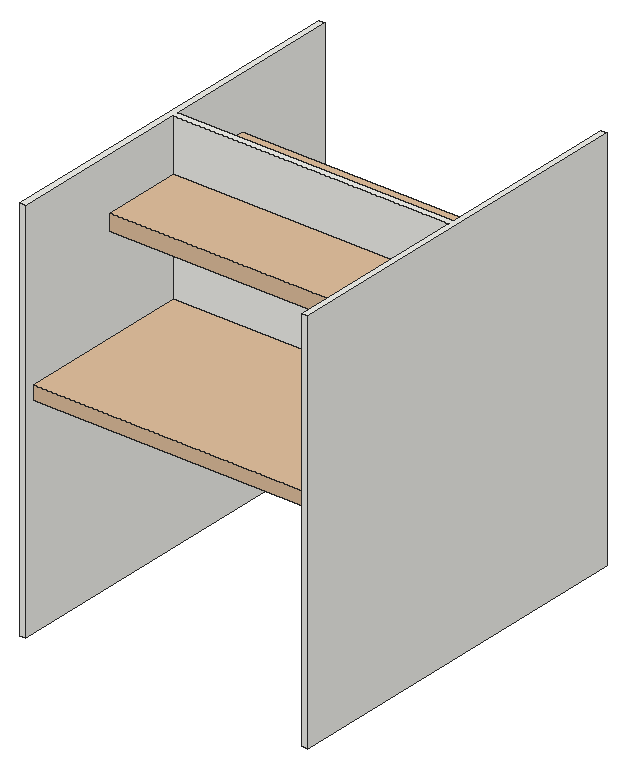
Revit family
Parameters
  Carrel Material = Laminate - Ivory, Matte
  Desktop/Shelf Material = Wood - Cherry
Reference planes
  plane 1 "Center (Front/Back)": y = 0
  plane 2: z = 0
  plane 3 "Center (Left/Right)": x = 0
  plane 4: x = -457.2
  plane 5: x = -438.15
  plane 6: x = 438.15
  plane 7: x = 457.2
  plane 8: y = -593.725
  plane 9: y = 9.525
  plane 10: y = 593.725
  plane 11: y = -9.525
  plane 12: y = 542.925
  plane 13: y = -542.925
  plane 14: z = 685.8
  plane 15: z = 1066.8
Forms (mm)
  Extrusion 1, solid, material "Laminate - Ivory, Matte" <- "Carrel Material"
    sketch origin (0, 0, 0) x (1, 0, 0) y (0, 1, 0)
      loop
        line (-457.2, 593.725) -> (-457.2, -593.725) -> (-438.15, -593.725) -> (-438.15, -9.525) -> (438.15, -9.525) -> (438.15, -593.725) -> (457.2, -593.725) -> (457.2, 593.725) -> (438.15, 593.725) -> (438.15, 9.525) -> (-438.15, 9.525) -> (-438.15, 593.725) -> (-457.2, 593.725)
    from 0 to 1231.9
  Extrusion 2, solid, material "Wood - Cherry" <- "Desktop/Shelf Material"
    sketch origin (-438.15, -593.725, 1231.9) x (0, 0, -1) y (0, 1, 0)
      loop
        line (546.1, 50.8) -> (546.1, 584.2) -> (520.7, 584.2) -> (520.7, 25.4) -> (565.15, 25.4) -> (565.15, 50.8) -> (546.1, 50.8)
      loop
        line (546.1, 1136.65) -> (565.15, 1136.65) -> (565.15, 1162.05) -> (520.7, 1162.05) -> (520.7, 603.25) -> (546.1, 603.25) -> (546.1, 1136.65)
    from 0 to 876.3
  Extrusion 3, solid, material "Wood - Cherry" <- "Desktop/Shelf Material"
    sketch origin (-457.2, 593.725, 1231.9) x (0, 0, -1) y (0, -1, 0)
      loop
        line (165.1, 584.2) -> (165.1, 330.2) -> (215.9, 330.2) -> (215.9, 342.9) -> (177.8, 342.9) -> (177.8, 584.2) -> (165.1, 584.2)
      loop
        line (165.1, 602.324) -> (177.8, 602.324) -> (177.8, 844.55) -> (215.9, 844.55) -> (215.9, 857.25) -> (165.1, 857.25) -> (165.1, 602.324)
    from -19.05 to -895.35
  Extrusion 4, void
    sketch origin (-438.15, -9.525, 1231.9) x (0, 0, -1) y (1, 0, 0)
      loop
        line (1231.9, 0) -> (1231.9, 876.3) -> (850.9, 876.3) -> (850.9, 0) -> (1231.9, 0)
    from 0 to -25.4
Cuts and joins
  Extrusion 4 cuts Extrusion 1
  Extrusion 4 cuts Extrusion 2
  Extrusion 4 cuts Extrusion 3
Lines and regions (mm)
  symbolic lines
    curve 1: line (-457.2, 593.725, 0) -> (457.2, 593.725, 0)
    curve 2: line (-457.2, -593.725, 0) -> (-457.2, 593.725, 0)
    curve 3: line (457.2, -593.725, 0) -> (-457.2, -593.725, 0)
    curve 4: line (457.2, 593.725, 0) -> (457.2, -593.725, 0)
    curve 5: line (-457.2, 9.525, 0) -> (457.2, 9.525, 0)
    curve 6: line (-457.2, -9.525, 0) -> (457.2, -9.525, 0)
    curve 7: line (-457.2, -263.525, 0) -> (457.2, -263.525, 0)
    curve 8: line (-457.2, 263.525, 0) -> (457.2, 263.525, 0)
Dimensions and locks
  equal spacing: plane 4, plane 3 "Center (Left/Right)", plane 7
